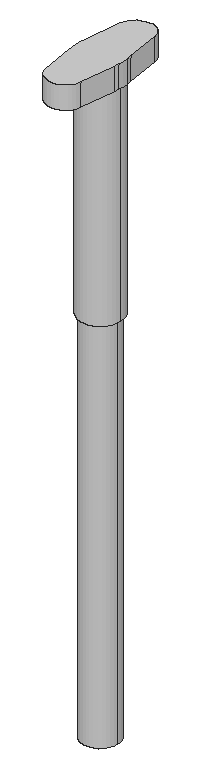
Revit family "EV_UNIVERSAL PANEL BOLT_1900265", category Generic Models, Revit 2018
Family settings
  Can host rebar = No
  Round Connector Dimension = Use Diameter
  Part Type = Normal
  OmniClass Number = 35.51.14.00
  OmniClass Title = FORMWORK
  Work Plane-Based = Yes
  Always vertical = No
  Cut with Voids When Loaded = No
  Shared = Yes
  Room Calculation Point = No
Parameters
  VERSION = "20170217"  # constant formula
  URL = "www.ulmaconstruction.com/en"
  UNICLASS = ""
  Manufacturer = "ULMA CONSTRUCTION"  # constant formula
  ITEM_CODE = "1900265"
  FILTER [instance] = ""
  Default Elevation = 0.000 mm
  CLASSIFICATION_TITLE = ""
  CLASSIFICATION_NUMBER = ""
Reference planes
  plane 1 "Centro (Frontal/Posterior)": y = 0
  plane 2: z = 0
  plane 3 "Centro (Izquierda/Derecha)": x = 0
Forms (mm)
  Extrusion 1, solid, material "ULMA ZINC", detail levels fine
    sketch origin (0, 0, 0) x (1, 0, 0) y (0, 1, 0)
      loop
        line (-10.781, 5.27) -> (-11.131, 2.69)
        arc (-11.131, 2.69) -> (-11.313, 0) -> (-11.131, -2.69) r 20
        line (-11.131, -2.69) -> (-10.781, -5.27) -> (-8.423, -22.643)
        arc (-8.423, -22.643) -> (-0.001, -30) -> (8.423, -22.645) r 8.5
        line (8.423, -22.645) -> (10.785, -5.262) -> (11.134, -2.693)
        arc (11.134, -2.693) -> (11.316, 0) -> (11.134, 2.693) r 20
        line (11.134, 2.693) -> (10.785, 5.262) -> (8.423, 22.645)
        arc (8.423, 22.645) -> (-0.001, 30) -> (-8.423, 22.643) r 8.5
        line (-8.423, 22.643) -> (-10.781, 5.27)
    from 0 to 11
  Extrusion 2, solid, material "ULMA ZINC", detail levels fine
    sketch origin (0, 0, 0) x (1, 0, 0) y (0, 1, 0)
      loop
        circle (0, 0) r 10
    from 0 to -103.5
  Extrusion 3, solid, material "ULMA ZINC"
    sketch origin (0, 0, 0) x (1, 0, 0) y (0, 1, 0)
      loop
        circle (0, 0) r 8.5
    from -290 to -103.5
Dimensions and locks
  aligned and locked: level to plane 2
